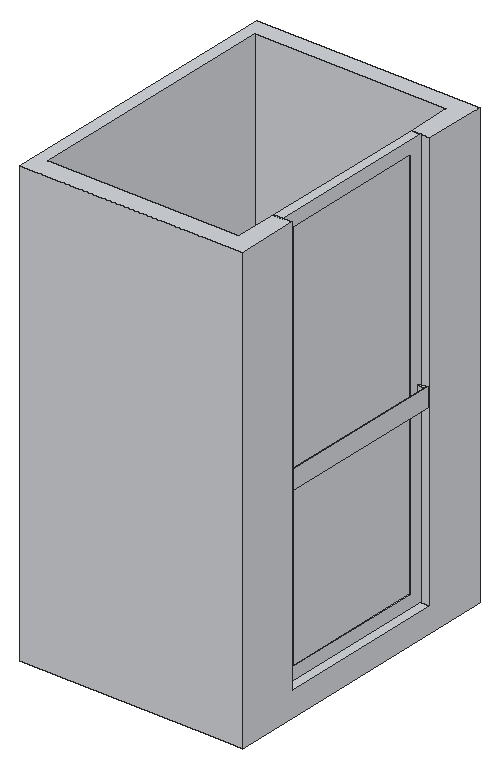
Revit family "M_Ducha com assento - Retangular", category Peças hidrossanitárias, Revit 2019
Family settings
  Cota do conector redondo = Usar raio
  Tipo de parte = Normal
  Número OmniClass = 23.45.05.14.21.11
  Título OmniClass = Bath/Shower Units
  ID de item do Seek = Shower Stall with Seat - Rectangular-0000-CAN-ENU
  Com base no plano de trabalho = Não
  Sempre na vertical = Sim
  Corte com vazios quando carregada = Não
  Compartilhado = Não
  Ponto de cálculo do ambiente = Não
Parameters (values of type "1220 mmx915 mm - Público")
  WFU = 2
  Largura do chuveiro = 1220 mm
  Material da ducha = none
  Comprimento do chuveiro = 915 mm
  Altura do chuveiro = 1829 mm
  Raio do sanitário = 25 mm
  Diâmetro do sanitário = 2 * Raio do sanitário  # 50 mm
  Raio da água quente = 7.5 mm
  Diâmetro da água quente = 2 * Raio da água quente  # 15 mm
  Altura do puxador = 914 mm
  Largura da meia porta = 1 / 2 * Largura da porta  # 355.5 mm
  HWFU = 3
  Pressão do fluxo [instance] = 55158.0 Pa
  Largura da porta = 711 mm
  Material da porta = none
  Material da maçaneta = none
  Raio da água gelada = 7.5 mm
  Diâmetro da água gelada = 2 * Raio da água gelada  # 15 mm
  CWFU = 3
Types (3, lengths in mm): name | HWFU | CWFU
  (no name) | 3 | 3
  1220 mmx915 mm - Público | 3 | 3
  1220 mmx915 mm - Privado | 1 | 1
Reference planes
  plane 1 "Centro (Frente/Trás)": y = 0
  plane 2: z = 0
  plane 3 "Centro (Esquerda/Direita)": x = 0
  plane 4: x = 915
  plane 5: y = 1220
  plane 6: z = 1829
  plane 7: x = 50.8
  plane 8: y = 1143.8
  plane 9: y = 76.2
  plane 10: z = 101.6
  plane 11: x = 876.9
  plane 12: x = 838.8
  plane 13: z = 1778.2
  plane 14: z = 152.4
  plane 15: y = 610
  plane 16: y = 965.5
  plane 17: y = 254.5
  plane 18: y = 305.3
  plane 19: y = 914.7
  plane 20: x = 870.55
  plane 21: x = 857.85
  plane 22: z = 914
  plane 23: z = 837.8
  plane 24: y = 952.8
  plane 25: y = 267.2
  plane 26: y = 946.45
  plane 27: x = 908.65
  plane 28: y = 273.55
  plane 29: x = 540.05
  plane 30: x = 241.3
  plane 31: z = 609.6
  plane 32: x = 514.65
  plane 33: x = 565.45
  plane 34: z = 914.4
  plane 35: y = 724.3
  plane 36: y = 495.7
Forms (mm)
  Extrusion 1, solid, material <- "Material da ducha"
    sketch origin (0, 0, 0) x (1, 0, 0) y (0, 1, 0)
      loop
        line (0, 1220) -> (0, 0) -> (915, 0) -> (915, 1220) -> (0, 1220)
    from 0 to 1829
  Extrusion 2, void
    sketch origin (0, 0, 0) x (1, 0, 0) y (0, 1, 0)
      loop
        line (50.8, 1143.8) -> (50.8, 76.2) -> (915, 76.2) -> (915, 1143.8) -> (50.8, 1143.8)
    from 101.6 to 1829
  Extrusion 3, solid, material <- "Material da ducha"
    sketch origin (0, 0, 0) x (1, 0, 0) y (0, 1, 0)
      loop
        line (838.8, 1220) -> (838.8, 965.5) -> (915, 965.5) -> (915, 1220) -> (838.8, 1220)
      loop
        line (838.8, 254.5) -> (838.8, 0) -> (915, 0) -> (915, 254.5) -> (838.8, 254.5)
    from 0 to 1829
  Extrusion 4, solid, material <- "Material da ducha"
    sketch origin (0, 0, 0) x (0, 1, 0) y (0, 0, 1)
      loop
        line (254.5, 1829) -> (254.5, 101.6) -> (965.5, 101.6) -> (965.5, 1829) -> (254.5, 1829)
      loop
        line (305.3, 1778.2) -> (305.3, 152.4) -> (914.7, 152.4) -> (914.7, 1778.2) -> (305.3, 1778.2)
    from 838.8 to 876.9
  Extrusion 5, solid, material <- "Material da porta"
    sketch origin (0, 0, 0) x (1, 0, 0) y (0, 1, 0)
      loop
        line (870.55, 914.7) -> (857.85, 914.7) -> (857.85, 305.3) -> (870.55, 305.3) -> (870.55, 914.7)
    from 152.4 to 1778.2
  Extrusion 6, solid, material <- "Material da maçaneta"
    sketch origin (0, 0, 0) x (1, 0, 0) y (0, 1, 0)
      loop
        line (876.9, 952.8) -> (876.9, 946.45) -> (908.65, 946.45) -> (908.65, 273.55) -> (876.9, 273.55) -> (876.9, 267.2) -> (915, 267.2) -> (915, 952.8) -> (876.9, 952.8)
    from 837.8 to 914
  Extrusion 7, solid, material <- "Material da ducha"
    sketch origin (0, 0, 0) x (1, 0, 0) y (0, 1, 0)
      loop
        circle (540.05, 610) r 31.75
    from 0 to 101.6
  Extrusion 8, solid, material <- "Material da ducha"
    sketch origin (0, 0, 0) x (1, 0, 0) y (0, 0, 1)
      loop
        arc (101.6, 609.6) -> (65.679, 624.479) -> (50.8, 660.4) r 50.8
        line (50.8, 660.4) -> (50.8, 837.8) -> (0, 837.8) -> (0, 101.6) -> (241.3, 101.6) -> (241.3, 558.8)
        arc (241.3, 558.8) -> (226.421, 594.721) -> (190.5, 609.6) r 50.8
        line (190.5, 609.6) -> (101.6, 609.6)
    from -1143.8 to -76.2
  Extrusion 9, solid, material <- "Material da ducha"
    sketch origin (0, 0, 0) x (0, 1, 0) y (0, 0, 1)
      loop
        circle (724.3, 914.4) r 25.4
      loop
        circle (495.7, 914.4) r 25.4
    from 0 to 50.8
Cuts and joins
  Extrusion 2 cuts Extrusion 1
  joined: Extrusion 1, Extrusion 3, Extrusion 8, Extrusion 9
Lines and regions (mm)
  reference lines
    curve 1: line (241.3, 1143.8, 0) -> (838.8, 76.2, 0)
    curve 4: line (838.8, 1143.8, 0) -> (241.3, 76.2, 0)
  symbolic lines
    curve 2: line (241.3, 1143.8, 0) -> (514.65, 655.384, 0)
    curve 3: line (565.45, 564.616, 0) -> (838.8, 76.2, 0)
    curve 5: line (565.45, 655.384, 0) -> (838.8, 1143.8, 0)
    curve 6: line (241.3, 76.2, 0) -> (514.65, 564.616, 0)
Dimensions and locks
  "Largura do chuveiro": plane 5 to plane 1 "Centro (Frente/Trás)"
  "Comprimento do chuveiro": plane 4 to plane 3 "Centro (Esquerda/Direita)"
  "Altura do chuveiro": plane 2 to plane 6
  locked: plane 5 to plane 8 at 76.2
  locked: plane 3 "Centro (Esquerda/Direita)" to plane 7 at 50.8
  locked: plane 9 to plane 1 "Centro (Frente/Trás)" at 76.2
  locked: plane 10 to plane 2 at 101.6
  locked: plane 12 to plane 11 at 38.1
  locked: plane 13 to plane 6 at 50.8
  locked: plane 14 to plane 10 at 50.8
  locked: plane 12 to plane 4 at 76.2
  equal spacing: plane 5, plane 15, plane 1 "Centro (Frente/Trás)"
  "Largura da meia porta": plane 16 to plane 15
  "Largura da meia porta": plane 15 to plane 17
  locked: plane 17 to plane 18 at 50.8
  locked: plane 19 to plane 16 at 50.8
  locked: plane 20 to plane 11 at 6.35
  locked: plane 21 to plane 20 at 12.7
  "Altura do puxador": plane 22 to plane 2
  locked: plane 22 to plane 23 at 76.2
  locked: plane 16 to plane 24 at 12.7
  locked: plane 25 to plane 17 at 12.7
  locked: plane 28 to plane 25 at 6.35
  locked: plane 24 to plane 26 at 6.35
  locked: plane 27 to plane 4 at 6.35
  locked: plane 7 to plane 30 at 190.5
  locked: plane 31 to plane 2 at 609.6
  equal spacing: plane 30, plane 29, plane 12
  plane 32 to plane 29 to plane 33 = 25.4 mm locked, 25.4 mm locked
  locked: plane 34 to plane 2 at 914.4
  plane 35 to plane 15 to plane 36 = 114.3 mm locked, 114.3 mm locked
  radius of Extrusion 7 sketch curve = 31.75 mm
  aligned and locked: plane 3 "Centro (Esquerda/Direita)" to Extrusion 1 sketch curve
  aligned and locked: Extrusion 1 sketch curve to plane 5
  aligned and locked: plane 1 "Centro (Frente/Trás)" to Extrusion 1 sketch curve
  aligned and locked: Extrusion 1 sketch curve to plane 4
  aligned and locked: Extrusion 1 to plane 2
  aligned and locked: Extrusion 1 to plane 6
  aligned and locked: plane 7 to Extrusion 2 sketch curve
  aligned and locked: Extrusion 2 sketch curve to plane 8
  aligned and locked: Extrusion 2 sketch curve to plane 9
  aligned and locked: Extrusion 2 sketch curve to plane 4
  aligned and locked: Extrusion 2 to plane 6
  aligned and locked: Extrusion 2 to plane 10
  aligned and locked: plane 12 to Extrusion 3 sketch curve  (x2)
  aligned and locked: Extrusion 3 sketch curve to plane 5
  aligned and locked: plane 16 to Extrusion 3 sketch curve
  aligned and locked: Extrusion 3 sketch curve to plane 4
  aligned and locked: Extrusion 3 sketch curve to plane 17
  aligned and locked: cut or joined group of Extrusion 1, Extrusion 2, Extrusion 3, Extrusion 8, Extrusion 9 to Extrusion 3 sketch curve
  aligned and locked: Extrusion 3 sketch curve to cut or joined group of Extrusion 1, Extrusion 2, Extrusion 3, Extrusion 8, Extrusion 9
  aligned and locked: Extrusion 3 to plane 2
  aligned and locked: Extrusion 3 to plane 6
  aligned and locked: cut or joined group of Extrusion 1, Extrusion 2, Extrusion 3, Extrusion 8, Extrusion 9 to Extrusion 4 sketch curve
  aligned and locked: Extrusion 4 sketch curve to cut or joined group of Extrusion 1, Extrusion 2, Extrusion 3, Extrusion 8, Extrusion 9  (x3)
  aligned and locked: plane 18 to Extrusion 4 sketch curve
  aligned and locked: plane 13 to Extrusion 4 sketch curve
  aligned and locked: plane 14 to Extrusion 4 sketch curve
  aligned and locked: Extrusion 4 sketch curve to plane 19
  aligned and locked: Extrusion 4 to plane 12
  aligned and locked: plane 11 to Extrusion 4
  aligned and locked: plane 19 to Extrusion 5 sketch curve
  aligned and locked: plane 20 to Extrusion 5 sketch curve
  aligned and locked: Extrusion 5 sketch curve to plane 21
  aligned and locked: Extrusion 5 sketch curve to plane 18
  aligned and locked: Extrusion 5 to plane 13
  aligned and locked: Extrusion 5 to plane 14
  aligned and locked: plane 11 to Extrusion 6 sketch curve
  aligned and locked: Extrusion 6 sketch curve to plane 24
  aligned and locked: plane 25 to Extrusion 6 sketch curve
  aligned and locked: Extrusion 6 sketch curve to plane 4
  aligned and locked: plane 27 to Extrusion 6 sketch curve
  aligned and locked: plane 26 to Extrusion 6 sketch curve
  aligned and locked: Extrusion 6 sketch curve to plane 28
  aligned and locked: Extrusion 4 to Extrusion 6 sketch curve  (x2)
  aligned and locked: plane 22 to Extrusion 6
  aligned and locked: Extrusion 6 to plane 23
  aligned and locked: plane 15 to Extrusion 7 sketch curve
  aligned and locked: plane 29 to Extrusion 7 sketch curve
  aligned and locked: Extrusion 7 to plane 2
  aligned and locked: plane 10 to Extrusion 7
  aligned and locked: Extrusion 8 sketch curve to plane 31
  aligned and locked: plane 10 to Extrusion 8 sketch curve
  aligned and locked: Extrusion 8 sketch curve to plane 30
  aligned and locked: plane 3 "Centro (Esquerda/Direita)" to Extrusion 8 sketch curve
  aligned and locked: plane 23 to Extrusion 8 sketch curve
  aligned and locked: plane 7 to Extrusion 8 sketch curve
  aligned and locked: plane 8 to Extrusion 8
  aligned and locked: Extrusion 8 to plane 9
  aligned and locked: plane 8 to curve 1
  aligned and locked: plane 30 to curve 1
  aligned and locked: plane 9 to curve 1
  aligned and locked: plane 12 to curve 1
  aligned and locked: curve 1 to curve 2
  aligned and locked: plane 30 to curve 2
  aligned and locked: plane 32 to curve 2
  aligned and locked: curve 1 to curve 3
  aligned and locked: plane 33 to curve 3
  aligned and locked: plane 12 to curve 3
  aligned and locked: plane 8 to curve 4
  aligned and locked: plane 12 to curve 4
  aligned and locked: plane 9 to curve 4
  aligned and locked: plane 30 to curve 4
  aligned and locked: curve 5 to curve 4
  aligned and locked: plane 33 to curve 5
  aligned and locked: plane 8 to curve 5
  aligned and locked: curve 6 to curve 4
  aligned and locked: plane 32 to curve 6
  aligned and locked: plane 30 to curve 6
  aligned and locked: plane 34 to Extrusion 9 sketch curve  (x2)
  aligned and locked: plane 35 to Extrusion 9 sketch curve
  aligned and locked: plane 36 to Extrusion 9 sketch curve
  aligned and locked: Extrusion 9 to plane 3 "Centro (Esquerda/Direita)"
  aligned and locked: plane 7 to Extrusion 9
Automatic sketch dimensions
  plane 7 to Extrusion 8 sketch curve = 50.8 mm
  Extrusion 8 sketch curve to Extrusion 8 sketch curve = 50.8 mm
  radius of Extrusion 9 sketch curve = 25.4 mm  (x2)
Connectors
  piping at (540.05, 610, 0), diameter 50, driven by "WFU", driven by "Raio do sanitário"
    settings: on Extrusion 7, index 1, connector inside diameter 50 mm, connector length 0 mm, flow factor 0, pipe flow 0.0 L/s, pressure drop 0.0 Pa, fitting loss kfactor 0, connector angle 0.00°, fixture units 2, engagement length 0 mm, angle of deflection 0.00°, flow configuration 3, flow direction 2, fitting loss method 0, system type 16, joint type 0, gender type 0, connector reference index -1, connector utility 0, adjustable connector no, is connector primary no, connector description "Saída"
  piping at (0, 724.3, 914.4), diameter 15, driven by "CWFU", driven by "Raio da água gelada", driven by "Pressão do fluxo"
    settings: on Extrusion 9, index 2, connector inside diameter 15 mm, connector length 0 mm, flow factor 0, pipe flow 0.0 L/s, pressure drop 55158.0 Pa, fitting loss kfactor 0, connector angle 0.00°, fixture units 3, engagement length 0 mm, angle of deflection 0.00°, flow configuration 3, flow direction 1, fitting loss method 4, system type 20, joint type 0, gender type 0, connector reference index -1, connector utility 0, adjustable connector no, is connector primary yes, connector description "In"
  piping at (0, 495.7, 914.4), diameter 15, driven by "HWFU", driven by "Pressão do fluxo", driven by "Raio da água quente"
    settings: on Extrusion 9, index 3, connector inside diameter 15 mm, connector length 0 mm, flow factor 0, pipe flow 0.0 L/s, pressure drop 55158.0 Pa, fitting loss kfactor 0, connector angle 0.00°, fixture units 3, engagement length 0 mm, angle of deflection 0.00°, flow configuration 3, flow direction 1, fitting loss method 4, system type 19, joint type 0, gender type 0, connector reference index -1, connector utility 0, adjustable connector no, is connector primary no, connector description "In"
